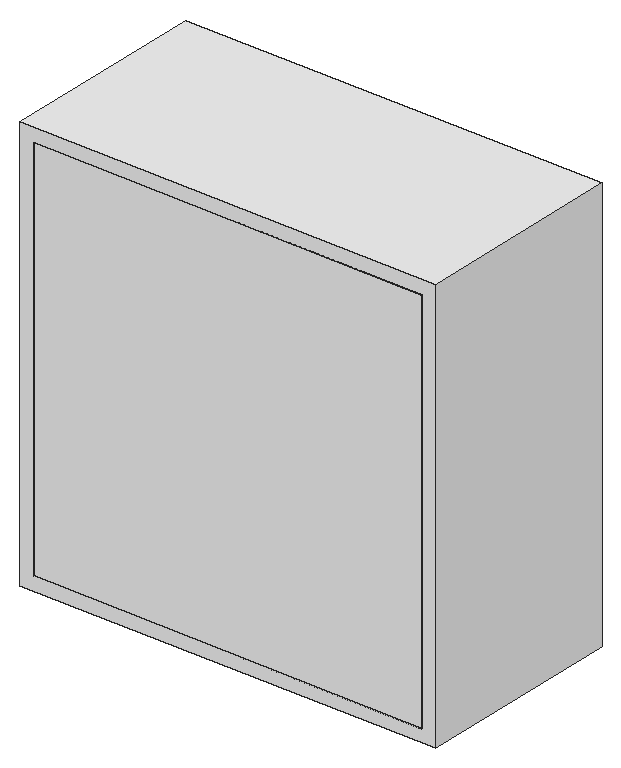
Revit family "Upper Cabinet-Double Door w Glass-Wall (M)", category 케이스워크, Revit 2026
Family settings
  호스트 = 벽
  항상 수직 = 예
  로드될 때 보이드를 사용하여 절단 = 아니오
  공유 = 아니오
  룸 계산 점 = 아니오
Parameters (values of type "600mm")
  기본 높이 = 0 mm
  Cabinet Material = none
  깊이 = 300 mm
  Door/Drawer Material = none
  Handle Material = Cabinets - Handles
  Height = 600 mm
  Panel Material = Cabinets - Panel/Glass
  Top Of Cabinet = 2000 mm
  Width = 600 mm
Types (3, lengths in mm): name | Width
  (no name) | 600
  600mm | 600
  1000mm | 1000
Reference planes
  plane 1: y = 0
  plane 2 "Center": x = 29.771
  plane 3 "Right": x = 329.771
  plane 4 "Left": x = -270.229
  plane 5: z = 1400
  plane 6: z = 2000
  plane 7 "Front": y = 376.2
  plane 8: y = 76.2
  plane 9: z = 1700
Forms (mm)
  Extrusion 1, solid, material <- "Cabinet Material"
    sketch origin (0, 76.2, 0) x (1, 0, 0) y (0, 0, 1)
      loop
        line (329.771, 2000) -> (-270.229, 2000) -> (-270.229, 1400) -> (329.771, 1400) -> (329.771, 2000)
      loop
        line (310.721, 1980.95) -> (-251.179, 1980.95) -> (-251.179, 1419.05) -> (310.721, 1419.05) -> (310.721, 1980.95)
    from 0 to -300
  Extrusion 2, solid, material <- "Cabinet Material"
    sketch origin (0, 76.2, 0) x (1, 0, 0) y (0, 0, 1)
      loop
        line (310.721, 1980.95) -> (-251.179, 1980.95) -> (-251.179, 1419.05) -> (310.721, 1419.05) -> (310.721, 1980.95)
    from 0 to -19.05
  Extrusion 3, solid, material <- "Door/Drawer Material"
    sketch origin (0, 376.2, 0) x (0, 0, 1) y (1, 0, 0)
      loop
        line (1980.95, 310.721) -> (1419.05, 310.721) -> (1419.05, 32.946) -> (1980.95, 32.946) -> (1980.95, 310.721)
      loop
        line (1980.95, -251.179) -> (1980.95, 26.596) -> (1419.05, 26.596) -> (1419.05, -251.179) -> (1980.95, -251.179)
      loop
        line (1450.8, 278.971) -> (1450.8, 64.696) -> (1949.2, 64.696) -> (1949.2, 278.971) -> (1450.8, 278.971)
      loop
        line (1949.2, -219.429) -> (1949.2, -5.154) -> (1450.8, -5.154) -> (1450.8, -219.429) -> (1949.2, -219.429)
    from 12.7 to -19.05
  Extrusion 4, solid, material "Cabinets - Panel/Glass" <- "Panel Material"
    sketch origin (0, 376.2, 0) x (0, 0, 1) y (1, 0, 0)
      loop
        line (1949.2, 278.971) -> (1450.8, 278.971) -> (1450.8, 64.696) -> (1949.2, 64.696) -> (1949.2, 278.971)
      loop
        line (1450.8, -219.429) -> (1949.2, -219.429) -> (1949.2, -5.154) -> (1450.8, -5.154) -> (1450.8, -219.429)
    from -12.7 to -6.35
  Sweep 5, solid, material "Cabinets - Handles" <- "Handle Material"
    path origin (4.371, 0, 0) x (0, 1, 0) y (0, 0, 1)
      loop
        line (388.9, 1552.4) -> (401.6, 1552.4)
        arc (401.6, 1552.4) -> (410.58, 1548.68) -> (414.3, 1539.7) r 12.7
        line (414.3, 1539.7) -> (414.3, 1463.5)
        arc (414.3, 1463.5) -> (410.58, 1454.52) -> (401.6, 1450.8) r 12.7
        line (401.6, 1450.8) -> (388.9, 1450.8)
    profile origin (4.371, 395.25, 0) x (0, 0, 1) y (1, 0, 0)
      loop
        circle (1552.4, 0) r 6.35
  Sweep 6, solid, material "Cabinets - Handles" <- "Handle Material"
    path origin (55.171, 0, 0) x (0, 1, 0) y (0, 0, -1)
      loop
        line (388.9, -1552.4) -> (401.6, -1552.4)
        arc (401.6, -1552.4) -> (410.58, -1548.68) -> (414.3, -1539.7) r 12.7
        line (414.3, -1539.7) -> (414.3, -1463.5)
        arc (414.3, -1463.5) -> (410.58, -1454.52) -> (401.6, -1450.8) r 12.7
        line (401.6, -1450.8) -> (388.9, -1450.8)
    profile origin (55.171, 395.25, 0) x (0, 0, -1) y (-1, 0, 0)
      loop
        circle (-1552.4, 0) r 6.35
Lines and regions (mm)
  model lines
    curve 1: line (29.771, 376.2, 1980.95) -> (29.771, 376.2, 1400)
  symbolic lines, style "Plan Rep - Above"
    curve 2: line (-270.229, 76.2, 0) -> (329.771, 76.2, 0)
    curve 3: line (-270.229, 376.2, 0) -> (-270.229, 76.2, 0)
    curve 4: line (329.771, 376.2, 0) -> (-270.229, 376.2, 0)
    curve 5: line (329.771, 76.2, 0) -> (329.771, 376.2, 0)
  symbolic lines, style "Elevation Swing"
    curve 6: line (28.952, 0, 1982.311) -> (-254.336, 0, 1703.193)
    curve 7: line (32.946, 0, 1419.05) -> (310.721, 0, 1699.012)
    curve 8: line (26.596, 0, 1419.05) -> (-251.179, 0, 1700)
    curve 9: line (310.721, 0, 1699.012) -> (28.952, 0, 1982.311)
Text (mm)
  text "Placement Side" at (0, 1019.848, 3124.603), in view "Right"
  text "Placement Side" at (-1303.176, 859.072, 0), in view "Floor Line"
  text "Placement Side" at (0, 1402.211, 2493.666), in view "Left"
Dimensions and locks
  equal spacing: plane 4 "Left", plane 2 "Center", plane 3 "Right"
  "Width": plane 4 "Left" to plane 3 "Right"
  "Height": plane 5 to plane 6
  "깊이": plane 8 to plane 7 "Front"
  equal spacing: plane 5, plane 9, plane 6
  "Top Of Cabinet": level to plane 6
  aligned and locked: plane 8 to host wall
  aligned and locked: plane 7 "Front" to Extrusion 1
  aligned and locked: Extrusion 2 sketch curve to Extrusion 1  (x4)
  aligned and locked: Extrusion 3 to Extrusion 4 sketch curve  (x2)
  aligned and locked: Extrusion 4 sketch curve to Extrusion 3  (x4)
  aligned and locked: Extrusion 3 sketch curve to Extrusion 1
  aligned and locked: plane 5 to curve 1
Automatic sketch dimensions
  Extrusion 1 sketch curve to plane 4 "Left" = 0 mm
  Extrusion 1 sketch curve to plane 3 "Right" = 0 mm
  Extrusion 1 sketch curve to plane 5 = 0 mm
  Extrusion 1 sketch curve to plane 6 = 0 mm
  plane 4 "Left" to Extrusion 1 sketch curve = 19.05 mm
  Extrusion 1 sketch curve to plane 3 "Right" = 19.05 mm
  Extrusion 1 sketch curve to plane 5 = 19.05 mm
  plane 6 to Extrusion 1 sketch curve = 19.05 mm
  Sweep 5 sketch curve to profile plane = 0 mm
  profile plane to Sweep 5 sketch curve = 6.35 mm
  Sweep 6 sketch curve to profile plane = 0 mm
  profile plane to Sweep 6 sketch curve = 6.35 mm
  curve 4 to plane 4 "Left" = 0 mm
  curve 4 to plane 3 "Right" = 0 mm
  curve 2 to host wall = 0 mm
  curve 4 to plane 7 "Front" = 0 mm
  Extrusion 3 sketch curve to plane 5 = 19.05 mm  (x2)
  Extrusion 3 sketch curve to Extrusion 3 sketch curve = 31.75 mm  (x3)
  plane 6 to Extrusion 3 sketch curve = 50.8 mm  (x2)
  plane 6 to Extrusion 3 sketch curve = 19.05 mm
  Extrusion 3 sketch curve to Extrusion 3 sketch curve = 0 mm
  Extrusion 3 sketch curve to plane 2 "Center" = 34.925 mm
  Extrusion 3 sketch curve to plane 2 "Center" = 3.175 mm
  plane 2 "Center" to Extrusion 3 sketch curve = 3.175 mm
  plane 2 "Center" to Extrusion 3 sketch curve = 34.925 mm
  Extrusion 3 sketch curve to plane 3 "Right" = 50.8 mm
  Extrusion 3 sketch curve to plane 3 "Right" = 19.05 mm
  plane 7 "Front" to Sweep 6 sketch curve = 12.7 mm  (x2)
  Sweep 6 sketch curve to Sweep 6 sketch curve = 12.7 mm  (x3)
  Sweep 6 sketch curve to plane 5 = 152.4 mm
  Sweep 6 sketch curve to plane 5 = 63.5 mm
  plane 7 "Front" to Sweep 5 sketch curve = 12.7 mm  (x2)
  Sweep 5 sketch curve to Sweep 5 sketch curve = 12.7 mm  (x3)
  Sweep 5 sketch curve to plane 5 = 50.8 mm
  Sweep 5 sketch curve to Sweep 5 sketch curve = 76.2 mm
  Extrusion 4 sketch curve to plane 5 = 50.8 mm
  plane 6 to Extrusion 4 sketch curve = 50.8 mm
  curve 1 to plane 2 "Center" = 0 mm
  curve 8 to plane 9 = 0 mm
  curve 6 to plane 9 = 3.193 mm
  plane 6 to curve 1 = 19.05 mm
  curve 6 to plane 2 "Center" = 0.819 mm
  curve 6 to curve 1 = 1.361 mm
  plane 9 to curve 7 = 0.988 mm
  plane 2 "Center" to curve 7 = 3.175 mm
  curve 7 to plane 5 = 19.05 mm
  curve 8 to plane 2 "Center" = 3.175 mm
  curve 8 to curve 7 = 0 mm
  plane 4 "Left" to curve 8 = 19.05 mm
  curve 6 to curve 8 = 3.157 mm
  curve 9 to plane 3 "Right" = 19.05 mm
